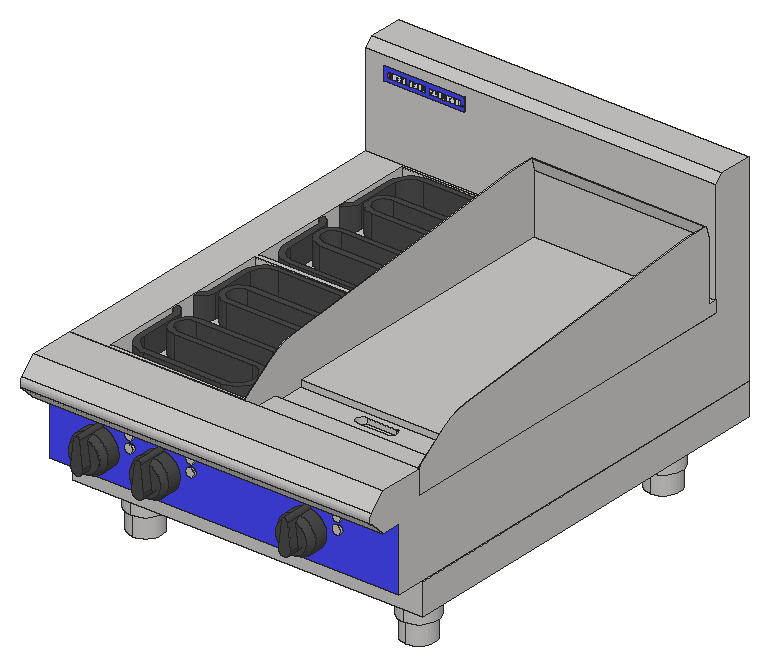
Revit family "QF_MOFFAT_BLUESEAL_CE_E514C-B", category Specialty Equipment, Revit 2012 (continued)
Definition of nested family "ELECTRIC BURNER & GRIDDLE 600"
  Definition of nested family "ELECTRIC GRIDDLE PLATE 300"
    Automatic sketch dimensions
      Extrusion 1 sketch curve to plane 6 "TOP" = 0.0 mm
      plane 12 to Extrusion 1 sketch curve = 9.566 mm
      plane 11 to Extrusion 1 sketch curve = 16.28 mm
      Extrusion 1 sketch curve to level = 2.516 mm
      plane 11 to Extrusion 1 sketch curve = 6.695 mm
      plane 1 "BACK" to Extrusion 1 sketch curve = 47.237 mm
      plane 1 "BACK" to Extrusion 1 sketch curve = 5.225 mm
      Extrusion 1 sketch curve to plane 1 "BACK" = 0.003 mm
      level to Extrusion 1 sketch curve = 0.5 mm
      Extrusion 1 sketch curve to Extrusion 1 sketch curve = 42.0 mm
      Extrusion 1 sketch curve to plane 6 "TOP" = 63.101 mm
      Extrusion 1 sketch curve to plane 6 "TOP" = 19.511 mm
      Extrusion 2 sketch curve to plane 6 "TOP" = 0.0 mm
      Extrusion 2 sketch curve to plane 5 "FRONT" = 0.0 mm
      plane 12 to Extrusion 2 sketch curve = 9.566 mm
      plane 11 to Extrusion 2 sketch curve = 16.28 mm
      Extrusion 2 sketch curve to level = 2.516 mm
      plane 11 to Extrusion 2 sketch curve = 6.695 mm
      plane 1 "BACK" to Extrusion 2 sketch curve = 47.237 mm
      plane 1 "BACK" to Extrusion 2 sketch curve = 5.225 mm
      Extrusion 2 sketch curve to plane 1 "BACK" = 0.003 mm
      level to Extrusion 2 sketch curve = 0.5 mm
      Extrusion 2 sketch curve to Extrusion 2 sketch curve = 42.0 mm
      Extrusion 2 sketch curve to plane 6 "TOP" = 63.101 mm
      Extrusion 2 sketch curve to plane 6 "TOP" = 19.511 mm
      Extrusion 3 sketch curve to plane 5 "FRONT" = 0.0 mm
      Extrusion 3 sketch curve to plane 12 = 0.0 mm
      Extrusion 3 sketch curve to plane 11 = 0.0 mm
      Extrusion 3 sketch curve to plane 1 "BACK" = 15.003 mm
      level to Extrusion 3 sketch curve = 0.5 mm
      level to Extrusion 3 sketch curve = 10.0 mm
      Extrusion 3 sketch curve to Extrusion 3 sketch curve = 10.5 mm  (x2)
      plane 11 to Extrusion 4 sketch curve = 10.75 mm
      Extrusion 4 sketch curve to Extrusion 4 sketch curve = 10.0 mm
      Extrusion 4 sketch curve to plane 7 "Center Y" = 25.0 mm
      plane 1 "BACK" to Extrusion 5 sketch curve = 5.225 mm
      Extrusion 5 sketch curve to plane 1 "BACK" = 0.003 mm
      Extrusion 5 sketch curve to plane 6 "TOP" = 19.511 mm
      Extrusion 5 sketch curve to Extrusion 5 sketch curve = 1.6 mm
      Extrusion 5 sketch curve to Extrusion 5 sketch curve = 0.211 mm
      Extrusion 5 sketch curve to plane 6 "TOP" = 0.0 mm
      Extrusion 5 sketch curve to Extrusion 5 sketch curve = 1.656 mm
      level to Extrusion 5 sketch curve = 0.5 mm
